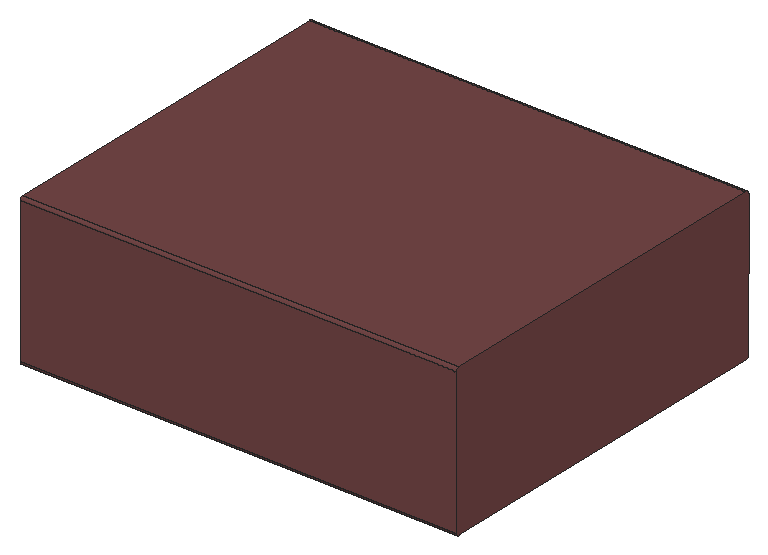
Revit family "Haworth_Janus_SEE_OccasionalTable_Closed", category Furniture, Revit 2018
Family settings
  OmniClass Number = 23.40.70.14.64.21
  OmniClass Title = Systems Furniture
  Work Plane-Based = No
  Always vertical = Yes
  Cut with Voids When Loaded = No
  Shared = No
  Room Calculation Point = No
Parameters (values of type "HCJC-SE-TFCR36-J")
  Wide = yes
  Warranty = "https://www.haworth.com/resources/product-info/warranties"
  URL - Product = "https://www.haworth.com/products/seating/outdoor/see!"
  Small = no
  Model = "HCJC-SE-TFCR36-J"
  URL = "http://www.haworth.com/our-brands/haworth-collection"
  Size = "Verify Final Dim. w/ Haworth"  # constant formula
  Revision Number = "2"  # constant formula
  Medium = no
  Manufacturer = "Haworth"  # constant formula
  Large = not(or(Small, Medium, Wide))  # no
  Glide Finish = Haworth _ Polymer _ Black
  Frame Finish [instance] = Haworth _ Fabric _ JANUSfiber _ Bronze JJF-40
  Description = "Haworth Janus SEE! Wide Occasional Table Closed"
  Author = "Haworth (Abd Rahman)"  # constant formula
  Assembly Code = "E2020200"
  Actual Width = if(Small, 19", if(Medium, 26", if(Wide, 36 1/4", 54 1/4")))  # 36 1/4"
  Actual Height = if(Small, 16 1/2", if(Medium, 13 1/2", if(Wide, 13 1/2", 13 1/2")))  # 13 1/2"
  Actual Depth = if(Small, 19", if(Medium, 30 1/4", if(Wide, 30 1/4", 30 1/4")))  # 30 1/4"
Types (5): name | Wide | Small | Model | Medium | Large | Description | Actual Width | Actual Height | Actual Depth
  (no name) | yes | no | "HCJC-SE-TFCR36-J" | no | no | "Haworth Janus SEE! Wide Occasional Table Closed" | 36 1/4" | 13 1/2" | 30 1/4"
  HCJC-SE-TFCR26-J | no | no | "HCJC-SE-TFCR26-J" | yes | no | "Haworth Janus SEE! Medium Occasional Table Closed" | 26" | 13 1/2" | 30 1/4"
  HCJC-SE-TFCR36-J | yes | no | "HCJC-SE-TFCR36-J" | no | no | "Haworth Janus SEE! Wide Occasional Table Closed" | 36 1/4" | 13 1/2" | 30 1/4"
  HCJC-SE-TFCR54-J | no | no | "HCJC-SE-TFCR54-J" | no | yes | "Haworth Janus SEE! Extra Wide Occasional Table Closed" | 54 1/4" | 13 1/2" | 30 1/4"
  HCJC-SE-TOCQ19-J | no | yes | "HCJC-SE-TOCQ19-J" | no | no | "Haworth Janus SEE! Small Occasional Table Closed" | 19" | 16 1/2" | 19"
Reference planes (in)
  plane 1 "Center F/B": y = -0.15866
  plane 2 "Floor": z = 0
  plane 3: z = 0
  plane 4: z = 1
  plane 5: x = 8.125
  plane 6: x = 44.375
  plane 7: y = 14.96634
  plane 8: y = -15.28366
  plane 9: z = 13.5
  plane 10: x = 26.25
Forms (in)
  Extrusion 1, solid, material "Haworth _ Fabric _ JANUSfiber _ Bronze JJF-40" <- "Frame Finish"
    sketch origin (0, 0, 0) x (0, 1, 0) y (0, 0, 1)
      loop
        arc (-15.03366, 13.5) -> (-15.21044, 13.42678) -> (-15.28366, 13.25) r 0.25
        line (-15.28366, 13.25) -> (-15.28366, 1.25)
        arc (-15.28366, 1.25) -> (-15.21044, 1.07322) -> (-15.03366, 1) r 0.25
        line (-15.03366, 1) -> (14.71634, 1)
        arc (14.71634, 1) -> (14.89312, 1.07322) -> (14.96634, 1.25) r 0.25
        line (14.96634, 1.25) -> (14.96634, 13.25)
        arc (14.96634, 13.25) -> (14.89312, 13.42678) -> (14.71634, 13.5) r 0.25
        line (14.71634, 13.5) -> (-15.03366, 13.5)
    from 8.125 to 44.375
  Extrusion 2, solid, material "Haworth _ Polymer _ Black" <- "Glide Finish"
    sketch origin (0, 0, 0) x (1, 0, 0) y (0, 1, 0)
      loop
        line (40.40403, -11.21814) -> (40.27903, -11.34314) -> (40.27903, -13.34314) -> (40.40403, -13.46814) -> (42.40404, -13.46814) -> (42.52903, -13.34314) -> (42.52903, -11.34314) -> (42.40404, -11.21814) -> (40.40403, -11.21814)
    from 0 to 0.125
  Extrusion 3, solid, material "Haworth _ Polymer _ Black" <- "Glide Finish"
    sketch origin (0, 0, 0) x (1, 0, 0) y (0, 1, 0)
      loop
        line (42.27903, -11.34314) -> (40.52904, -11.34314) -> (40.40403, -11.46814) -> (40.40403, -13.21814) -> (40.52904, -13.34314) -> (42.27903, -13.34314) -> (42.40404, -13.21814) -> (42.40404, -11.46814) -> (42.27903, -11.34314)
    from 0 to 1
  Extrusion 4, solid, material "Haworth _ Polymer _ Black" <- "Glide Finish"
    sketch origin (-20, 0, 0) x (1, 0, 0) y (0, 1, 0)
      loop
        line (30.15403, -11.21814) -> (30.02903, -11.34314) -> (30.02903, -13.34314) -> (30.15403, -13.46814) -> (32.15404, -13.46814) -> (32.27903, -13.34314) -> (32.27903, -11.34314) -> (32.15404, -11.21814) -> (30.15403, -11.21814)
    from 0 to 0.125
  Extrusion 5, solid, material "Haworth _ Polymer _ Black" <- "Glide Finish"
    sketch origin (-20, 0, 0) x (1, 0, 0) y (0, 1, 0)
      loop
        line (32.02903, -11.34314) -> (30.27904, -11.34314) -> (30.15403, -11.46814) -> (30.15403, -13.21814) -> (30.27904, -13.34314) -> (32.02903, -13.34314) -> (32.15404, -13.21814) -> (32.15404, -11.46814) -> (32.02903, -11.34314)
    from 0 to 1
  Extrusion 6, solid, material "Haworth _ Polymer _ Black" <- "Glide Finish"
    sketch origin (-20, 24.25, 0) x (1, 0, 0) y (0, 1, 0)
      loop
        line (30.15403, -11.21814) -> (30.02903, -11.34314) -> (30.02903, -13.34314) -> (30.15403, -13.46814) -> (32.15404, -13.46814) -> (32.27903, -13.34314) -> (32.27903, -11.34314) -> (32.15404, -11.21814) -> (30.15403, -11.21814)
    from 0 to 0.125
  Extrusion 7, solid, material "Haworth _ Polymer _ Black" <- "Glide Finish"
    sketch origin (-20, 24.25, 0) x (1, 0, 0) y (0, 1, 0)
      loop
        line (32.02903, -11.34314) -> (30.27904, -11.34314) -> (30.15403, -11.46814) -> (30.15403, -13.21814) -> (30.27904, -13.34314) -> (32.02903, -13.34314) -> (32.15404, -13.21814) -> (32.15404, -11.46814) -> (32.02903, -11.34314)
    from 0 to 1
  Extrusion 8, solid, material "Haworth _ Polymer _ Black" <- "Glide Finish"
    sketch origin (0, 24.25, 0) x (1, 0, 0) y (0, 1, 0)
      loop
        line (40.40403, -11.21814) -> (40.27903, -11.34314) -> (40.27903, -13.34314) -> (40.40403, -13.46814) -> (42.40404, -13.46814) -> (42.52903, -13.34314) -> (42.52903, -11.34314) -> (42.40404, -11.21814) -> (40.40403, -11.21814)
    from 0 to 0.125
  Extrusion 9, solid, material "Haworth _ Polymer _ Black" <- "Glide Finish"
    sketch origin (0, 24.25, 0) x (1, 0, 0) y (0, 1, 0)
      loop
        line (42.27903, -11.34314) -> (40.52904, -11.34314) -> (40.40403, -11.46814) -> (40.40403, -13.21814) -> (40.52904, -13.34314) -> (42.27903, -13.34314) -> (42.40404, -13.21814) -> (42.40404, -11.46814) -> (42.27903, -11.34314)
    from 0 to 1
Cuts and joins
  joined: Extrusion 2, Extrusion 3
  joined: Extrusion 4, Extrusion 5
  joined: Extrusion 6, Extrusion 7
  joined: Extrusion 8, Extrusion 9
Lines and regions (in)
  Masking region 1
    outline origin (0, 0, 0) x (1, 0, 0) y (0, 1, 0)
      loop
        line (8.125, 14.96634) -> (8.125, -15.28366) -> (44.375, -15.28366) -> (44.375, 14.96634) -> (8.125, 14.96634)
Dimensions and locks (in)
  plane 5 to plane 6 = 36 1/4"
  "Actual Width": plane 5 to plane 6
  "Actual Depth": plane 8 to plane 7
  "Actual Height": plane 9 to plane 3
  equal spacing: plane 5, plane 10, plane 6
  equal spacing: plane 8, plane 1 "Center F/B", plane 7
  aligned and locked: plane 7 to Extrusion 1 sketch curve
  aligned and locked: Extrusion 1 sketch curve to plane 9
  aligned and locked: plane 8 to Extrusion 1 sketch curve
  aligned and locked: plane 4 to Extrusion 1 sketch curve
  aligned and locked: Extrusion 1 to plane 5
  aligned and locked: Extrusion 1 to plane 6
  aligned and locked: plane 6 to Masking region 1 sketch curve
  aligned and locked: plane 8 to Masking region 1 sketch curve
  aligned and locked: plane 5 to Masking region 1 sketch curve
  aligned and locked: plane 7 to Masking region 1 sketch curve
Automatic sketch dimensions
  plane 8 to Extrusion 1 sketch curve = 1/4"  (x2)
  Extrusion 1 sketch curve to Extrusion 1 sketch curve = 1/4"  (x2)
  plane 6 to Extrusion 2 sketch curve = 4.09597"
  Extrusion 2 sketch curve to Extrusion 2 sketch curve = 1/8"  (x6)
  plane 8 to Extrusion 2 sketch curve = 1.81552"
  plane 6 to Extrusion 2 sketch curve = 1.97096"  (x2)
  Extrusion 2 sketch curve to Extrusion 2 sketch curve = 2"  (x2)
  plane 6 to Extrusion 3 sketch curve = 3.97097"
  Extrusion 3 sketch curve to Extrusion 3 sketch curve = 1/8"  (x6)
  Extrusion 3 sketch curve to Extrusion 3 sketch curve = 1 3/4"  (x4)
  plane 8 to Extrusion 3 sketch curve = 1.94052"
  plane 5 to Extrusion 4 sketch curve = 1.90403"
  Extrusion 4 sketch curve to Extrusion 4 sketch curve = 1/8"  (x6)
  plane 8 to Extrusion 4 sketch curve = 1.81552"
  Extrusion 4 sketch curve to Extrusion 4 sketch curve = 2"  (x4)
  plane 5 to Extrusion 5 sketch curve = 2.02903"
  Extrusion 5 sketch curve to Extrusion 5 sketch curve = 1/8"  (x6)
  Extrusion 5 sketch curve to Extrusion 5 sketch curve = 1 3/4"  (x4)
  plane 8 to Extrusion 5 sketch curve = 1.94052"
  plane 5 to Extrusion 6 sketch curve = 1.90403"
  Extrusion 6 sketch curve to Extrusion 6 sketch curve = 1/8"  (x6)
  Extrusion 6 sketch curve to Extrusion 6 sketch curve = 2"  (x4)
  plane 7 to Extrusion 6 sketch curve = 4.18448"
  plane 5 to Extrusion 7 sketch curve = 2.02903"
  Extrusion 7 sketch curve to Extrusion 7 sketch curve = 1/8"  (x6)
  Extrusion 7 sketch curve to Extrusion 7 sketch curve = 1 3/4"  (x4)
  plane 7 to Extrusion 7 sketch curve = 4.05948"
  plane 6 to Extrusion 8 sketch curve = 4.09597"
  plane 7 to Extrusion 8 sketch curve = 1.93448"
  Extrusion 8 sketch curve to Extrusion 8 sketch curve = 1/8"  (x6)
  plane 6 to Extrusion 8 sketch curve = 1.97096"  (x2)
  Extrusion 8 sketch curve to Extrusion 8 sketch curve = 2"  (x2)
  plane 6 to Extrusion 9 sketch curve = 3.97097"
  Extrusion 9 sketch curve to Extrusion 9 sketch curve = 1/8"  (x6)
  Extrusion 9 sketch curve to Extrusion 9 sketch curve = 1 3/4"  (x4)
  plane 7 to Extrusion 9 sketch curve = 4.05948"
